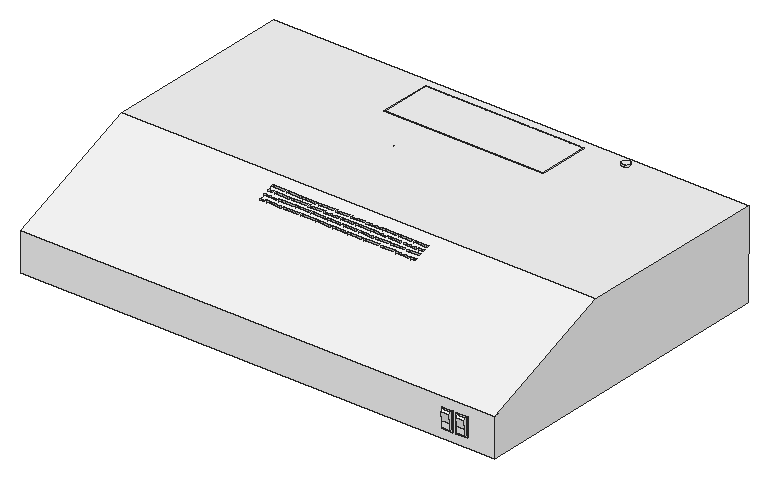
Revit family "QF_Summit_HC30WW_Under Cabinet Convertible Range Hood", category Specialty Equipment, Revit 2020 (continued)
Lines and regions (in)
  symbolic lines
    curve 97: spline (14.61424, -13.05744, 0) -> (14.59529, -13.05512, 0) -> (14.57764, -13.04831, 0) -> (14.56248, -13.03747, 0) -> (14.55085, -13.02335, 0) -> (14.54353, -13.00691, 0) -> (14.54104, -12.98926, 0) -> (14.54353, -12.97162, 0) -> (14.55085, -12.95517, 0) -> (14.56248, -12.94105, 0) -> (14.57764, -12.93022, 0) -> (14.59529, -12.9234, 0) -> (14.61424, -12.92108, 0)
    curve 98: line (15.02088, -12.63566, 0) -> (15.77358, -12.63566, 0)
    curve 99: spline (15.77358, -12.63566, 0) -> (15.79253, -12.63798, 0) -> (15.81018, -12.6448, 0) -> (15.82534, -12.65563, 0) -> (15.83698, -12.66975, 0) -> (15.84429, -12.6862, 0) -> (15.84678, -12.70384, 0) -> (15.84429, -12.72149, 0) -> (15.83698, -12.73793, 0) -> (15.82534, -12.75205, 0) -> (15.81018, -12.76289, 0) -> (15.79253, -12.7697, 0) -> (15.77358, -12.77202, 0)
    curve 100: line (15.77358, -12.77202, 0) -> (15.02088, -12.77202, 0)
    curve 101: spline (15.02088, -12.77202, 0) -> (15.00193, -12.7697, 0) -> (14.98428, -12.76289, 0) -> (14.96912, -12.75205, 0) -> (14.95748, -12.73793, 0) -> (14.95017, -12.72149, 0) -> (14.94768, -12.70384, 0) -> (14.95017, -12.6862, 0) -> (14.95748, -12.66975, 0) -> (14.96912, -12.65563, 0) -> (14.98428, -12.6448, 0) -> (15.00193, -12.63798, 0) -> (15.02088, -12.63566, 0)
    curve 102: line (15.57204, -12.92108, 0) -> (16.34037, -12.92108, 0)
    curve 103: spline (16.34037, -12.92108, 0) -> (16.35931, -12.9234, 0) -> (16.37697, -12.93022, 0) -> (16.39213, -12.94105, 0) -> (16.40376, -12.95517, 0) -> (16.41107, -12.97162, 0) -> (16.41357, -12.98926, 0) -> (16.41107, -13.00691, 0) -> (16.40376, -13.02335, 0) -> (16.39213, -13.03747, 0) -> (16.37697, -13.04831, 0) -> (16.35931, -13.05512, 0) -> (16.34037, -13.05744, 0)
    curve 104: line (16.34037, -13.05744, 0) -> (15.57204, -13.05744, 0)
    curve 105: spline (15.57204, -13.05744, 0) -> (15.55309, -13.05512, 0) -> (15.53544, -13.04831, 0) -> (15.52028, -13.03747, 0) -> (15.50864, -13.02335, 0) -> (15.50133, -13.00691, 0) -> (15.49884, -12.98926, 0) -> (15.50133, -12.97162, 0) -> (15.50864, -12.95517, 0) -> (15.52028, -12.94105, 0) -> (15.53544, -12.93022, 0) -> (15.55309, -12.9234, 0) -> (15.57204, -12.92108, 0)
    curve 106: line (15.57204, -13.52702, 0) -> (16.34037, -13.52702, 0)
    curve 107: spline (16.34037, -13.52702, 0) -> (16.35931, -13.52934, 0) -> (16.37697, -13.53615, 0) -> (16.39213, -13.54699, 0) -> (16.40376, -13.56111, 0) -> (16.41107, -13.57755, 0) -> (16.41357, -13.5952, 0) -> (16.41107, -13.61285, 0) -> (16.40376, -13.62929, 0) -> (16.39213, -13.64341, 0) -> (16.37697, -13.65425, 0) -> (16.35931, -13.66106, 0) -> (16.34037, -13.66338, 0)
    curve 108: line (16.34037, -13.66338, 0) -> (15.57204, -13.66338, 0)
    curve 109: spline (15.57204, -13.66338, 0) -> (15.55309, -13.66106, 0) -> (15.53544, -13.65425, 0) -> (15.52028, -13.64341, 0) -> (15.50864, -13.62929, 0) -> (15.50133, -13.61285, 0) -> (15.49884, -13.5952, 0) -> (15.50133, -13.57755, 0) -> (15.50864, -13.56111, 0) -> (15.52028, -13.54699, 0) -> (15.53544, -13.53615, 0) -> (15.55309, -13.52934, 0) -> (15.57204, -13.52702, 0)
    curve 110: line (16.85638, -13.35254, 0) -> (15.9943, -13.35254, 0)
    curve 111: spline (15.9943, -13.35254, 0) -> (15.97535, -13.35021, 0) -> (15.9577, -13.3434, 0) -> (15.94254, -13.33257, 0) -> (15.93091, -13.31845, 0) -> (15.92359, -13.302, 0) -> (15.9211, -13.28436, 0) -> (15.92359, -13.26671, 0) -> (15.93091, -13.25027, 0) -> (15.94254, -13.23614, 0) -> (15.9577, -13.22531, 0) -> (15.97535, -13.2185, 0) -> (15.9943, -13.21617, 0)
    curve 112: line (15.9943, -13.21617, 0) -> (16.85638, -13.21617, 0)
    curve 113: spline (16.85638, -13.21617, 0) -> (16.87532, -13.2185, 0) -> (16.89298, -13.22531, 0) -> (16.90814, -13.23614, 0) -> (16.91977, -13.25027, 0) -> (16.92708, -13.26671, 0) -> (16.92958, -13.28436, 0) -> (16.92708, -13.302, 0) -> (16.91977, -13.31845, 0) -> (16.90814, -13.33257, 0) -> (16.89298, -13.3434, 0) -> (16.87532, -13.35021, 0) -> (16.85638, -13.35254, 0)
    curve 114: line (15.9943, -12.63566, 0) -> (16.85638, -12.63566, 0)
    curve 115: spline (16.85638, -12.63566, 0) -> (16.87532, -12.63798, 0) -> (16.89298, -12.6448, 0) -> (16.90814, -12.65563, 0) -> (16.91977, -12.66975, 0) -> (16.92708, -12.6862, 0) -> (16.92958, -12.70384, 0) -> (16.92708, -12.72149, 0) -> (16.91977, -12.73793, 0) -> (16.90814, -12.75205, 0) -> (16.89298, -12.76289, 0) -> (16.87532, -12.7697, 0) -> (16.85638, -12.77202, 0)
    curve 116: line (16.85638, -12.77202, 0) -> (15.9943, -12.77202, 0)
    curve 117: spline (15.9943, -12.77202, 0) -> (15.97535, -12.7697, 0) -> (15.9577, -12.76289, 0) -> (15.94254, -12.75205, 0) -> (15.93091, -12.73793, 0) -> (15.92359, -12.72149, 0) -> (15.9211, -12.70384, 0) -> (15.92359, -12.6862, 0) -> (15.93091, -12.66975, 0) -> (15.94254, -12.65563, 0) -> (15.9577, -12.6448, 0) -> (15.97535, -12.63798, 0) -> (15.9943, -12.63566, 0)
    curve 118: line (16.53611, -12.92108, 0) -> (17.3982, -12.92108, 0)
    curve 119: spline (17.3982, -12.92108, 0) -> (17.41714, -12.9234, 0) -> (17.4348, -12.93022, 0) -> (17.44996, -12.94105, 0) -> (17.46159, -12.95517, 0) -> (17.4689, -12.97162, 0) -> (17.4714, -12.98926, 0) -> (17.4689, -13.00691, 0) -> (17.46159, -13.02335, 0) -> (17.44996, -13.03747, 0) -> (17.4348, -13.04831, 0) -> (17.41714, -13.05512, 0) -> (17.3982, -13.05744, 0)
    curve 120: line (17.3982, -13.05744, 0) -> (16.53611, -13.05744, 0)
    curve 121: spline (16.53611, -13.05744, 0) -> (16.51717, -13.05512, 0) -> (16.49951, -13.04831, 0) -> (16.48435, -13.03747, 0) -> (16.47272, -13.02335, 0) -> (16.46541, -13.00691, 0) -> (16.46292, -12.98926, 0) -> (16.46541, -12.97162, 0) -> (16.47272, -12.95517, 0) -> (16.48435, -12.94105, 0) -> (16.49951, -12.93022, 0) -> (16.51717, -12.9234, 0) -> (16.53611, -12.92108, 0)
    curve 122: line (16.53611, -13.52702, 0) -> (17.3982, -13.52702, 0)
    curve 123: spline (17.3982, -13.52702, 0) -> (17.41714, -13.52934, 0) -> (17.4348, -13.53615, 0) -> (17.44996, -13.54699, 0) -> (17.46159, -13.56111, 0) -> (17.4689, -13.57755, 0) -> (17.4714, -13.5952, 0) -> (17.4689, -13.61285, 0) -> (17.46159, -13.62929, 0) -> (17.44996, -13.64341, 0) -> (17.4348, -13.65425, 0) -> (17.41714, -13.66106, 0) -> (17.3982, -13.66338, 0)
    curve 124: line (17.3982, -13.66338, 0) -> (16.53611, -13.66338, 0)
    curve 125: spline (16.53611, -13.66338, 0) -> (16.51717, -13.66106, 0) -> (16.49951, -13.65425, 0) -> (16.48435, -13.64341, 0) -> (16.47272, -13.62929, 0) -> (16.46541, -13.61285, 0) -> (16.46292, -13.5952, 0) -> (16.46541, -13.57755, 0) -> (16.47272, -13.56111, 0) -> (16.48435, -13.54699, 0) -> (16.49951, -13.53615, 0) -> (16.51717, -13.52934, 0) -> (16.53611, -13.52702, 0)
    curve 126: line (17.05213, -13.21617, 0) -> (17.80483, -13.21617, 0)
    curve 127: spline (17.80483, -13.21617, 0) -> (17.82378, -13.2185, 0) -> (17.84143, -13.22531, 0) -> (17.85659, -13.23614, 0) -> (17.86823, -13.25027, 0) -> (17.87554, -13.26671, 0) -> (17.87803, -13.28436, 0) -> (17.87554, -13.302, 0) -> (17.86823, -13.31845, 0) -> (17.85659, -13.33257, 0) -> (17.84143, -13.3434, 0) -> (17.82378, -13.35021, 0) -> (17.80483, -13.35254, 0)
    curve 128: line (17.80483, -13.35254, 0) -> (17.05213, -13.35254, 0)
    curve 129: spline (17.05213, -13.35254, 0) -> (17.03318, -13.35021, 0) -> (17.01553, -13.3434, 0) -> (17.00037, -13.33257, 0) -> (16.98873, -13.31845, 0) -> (16.98142, -13.302, 0) -> (16.97893, -13.28436, 0) -> (16.98142, -13.26671, 0) -> (16.98873, -13.25027, 0) -> (17.00037, -13.23614, 0) -> (17.01553, -13.22531, 0) -> (17.03318, -13.2185, 0) -> (17.05213, -13.21617, 0)
    curve 130: line (17.80483, -12.77202, 0) -> (17.05213, -12.77202, 0)
    curve 131: spline (17.05213, -12.77202, 0) -> (17.03318, -12.7697, 0) -> (17.01553, -12.76289, 0) -> (17.00037, -12.75205, 0) -> (16.98873, -12.73793, 0) -> (16.98142, -12.72149, 0) -> (16.97893, -12.70384, 0) -> (16.98142, -12.6862, 0) -> (16.98873, -12.66975, 0) -> (17.00037, -12.65563, 0) -> (17.01553, -12.6448, 0) -> (17.03318, -12.63798, 0) -> (17.05213, -12.63566, 0)
    curve 132: line (17.05213, -12.63566, 0) -> (17.80483, -12.63566, 0)
    curve 133: spline (17.80483, -12.63566, 0) -> (17.82378, -12.63798, 0) -> (17.84143, -12.6448, 0) -> (17.85659, -12.65563, 0) -> (17.86823, -12.66975, 0) -> (17.87554, -12.6862, 0) -> (17.87803, -12.70384, 0) -> (17.87554, -12.72149, 0) -> (17.86823, -12.73793, 0) -> (17.85659, -12.75205, 0) -> (17.84143, -12.76289, 0) -> (17.82378, -12.7697, 0) -> (17.80483, -12.77202, 0)
    curve 134: line (18.36695, -13.66338, 0) -> (17.5976, -13.66338, 0)
    curve 135: spline (17.5976, -13.66338, 0) -> (17.57865, -13.66106, 0) -> (17.561, -13.65425, 0) -> (17.54584, -13.64341, 0) -> (17.5342, -13.62929, 0) -> (17.52689, -13.61285, 0) -> (17.5244, -13.5952, 0) -> (17.52689, -13.57755, 0) -> (17.5342, -13.56111, 0) -> (17.54584, -13.54699, 0) -> (17.561, -13.53615, 0) -> (17.57865, -13.52934, 0) -> (17.5976, -13.52702, 0)
    curve 136: line (17.5976, -13.52702, 0) -> (18.36695, -13.52702, 0)
    curve 137: spline (18.36695, -13.52702, 0) -> (18.38589, -13.52934, 0) -> (18.40355, -13.53615, 0) -> (18.41871, -13.54699, 0) -> (18.43034, -13.56111, 0) -> (18.43765, -13.57755, 0) -> (18.44015, -13.5952, 0) -> (18.43765, -13.61285, 0) -> (18.43034, -13.62929, 0) -> (18.41871, -13.64341, 0) -> (18.40355, -13.65425, 0) -> (18.38589, -13.66106, 0) -> (18.36695, -13.66338, 0)
    curve 138: line (18.36695, -13.05744, 0) -> (17.62415, -13.05744, 0)
    curve 139: spline (17.62415, -13.05744, 0) -> (17.6052, -13.05512, 0) -> (17.58755, -13.04831, 0) -> (17.57239, -13.03747, 0) -> (17.56076, -13.02335, 0) -> (17.55344, -13.00691, 0) -> (17.55095, -12.98926, 0) -> (17.55344, -12.97162, 0) -> (17.56076, -12.95517, 0) -> (17.57239, -12.94105, 0) -> (17.58755, -12.93022, 0) -> (17.6052, -12.9234, 0) -> (17.62415, -12.92108, 0)
    curve 140: line (17.62415, -12.92108, 0) -> (18.36695, -12.92108, 0)
    curve 141: spline (18.36695, -12.92108, 0) -> (18.38589, -12.9234, 0) -> (18.40355, -12.93022, 0) -> (18.41871, -12.94105, 0) -> (18.43034, -12.95517, 0) -> (18.43765, -12.97162, 0) -> (18.44015, -12.98926, 0) -> (18.43765, -13.00691, 0) -> (18.43034, -13.02335, 0) -> (18.41871, -13.03747, 0) -> (18.40355, -13.04831, 0) -> (18.38589, -13.05512, 0) -> (18.36695, -13.05744, 0)
    curve 142: line (18.77358, -12.77202, 0) -> (18.02088, -12.77202, 0)
    curve 143: spline (18.02088, -12.77202, 0) -> (18.00193, -12.7697, 0) -> (17.98428, -12.76289, 0) -> (17.96912, -12.75205, 0) -> (17.95748, -12.73793, 0) -> (17.95017, -12.72149, 0) -> (17.94768, -12.70384, 0) -> (17.95017, -12.6862, 0) -> (17.95748, -12.66975, 0) -> (17.96912, -12.65563, 0) -> (17.98428, -12.6448, 0) -> (18.00193, -12.63798, 0) -> (18.02088, -12.63566, 0)
    curve 144: line (18.02088, -12.63566, 0) -> (18.77358, -12.63566, 0)
    curve 145: spline (18.77358, -12.63566, 0) -> (18.79253, -12.63798, 0) -> (18.81018, -12.6448, 0) -> (18.82534, -12.65563, 0) -> (18.83698, -12.66975, 0) -> (18.84429, -12.6862, 0) -> (18.84678, -12.70384, 0) -> (18.84429, -12.72149, 0) -> (18.83698, -12.73793, 0) -> (18.82534, -12.75205, 0) -> (18.81018, -12.76289, 0) -> (18.79253, -12.7697, 0) -> (18.77358, -12.77202, 0)
    curve 146: line (18.02088, -13.21617, 0) -> (18.77358, -13.21617, 0)
    curve 147: spline (18.77358, -13.21617, 0) -> (18.79253, -13.2185, 0) -> (18.81018, -13.22531, 0) -> (18.82534, -13.23614, 0) -> (18.83698, -13.25027, 0) -> (18.84429, -13.26671, 0) -> (18.84678, -13.28436, 0) -> (18.84429, -13.302, 0) -> (18.83698, -13.31845, 0) -> (18.82534, -13.33257, 0) -> (18.81018, -13.3434, 0) -> (18.79253, -13.35021, 0) -> (18.77358, -13.35254, 0)
    curve 148: line (18.77358, -13.35254, 0) -> (18.02088, -13.35254, 0)
    curve 149: spline (18.02088, -13.35254, 0) -> (18.00193, -13.35021, 0) -> (17.98428, -13.3434, 0) -> (17.96912, -13.33257, 0) -> (17.95748, -13.31845, 0) -> (17.95017, -13.302, 0) -> (17.94768, -13.28436, 0) -> (17.95017, -13.26671, 0) -> (17.95748, -13.25027, 0) -> (17.96912, -13.23614, 0) -> (17.98428, -13.22531, 0) -> (18.00193, -13.2185, 0) -> (18.02088, -13.21617, 0)
    curve 150: line (19.34037, -13.66338, 0) -> (18.57204, -13.66338, 0)
    curve 151: spline (18.57204, -13.66338, 0) -> (18.55309, -13.66106, 0) -> (18.53544, -13.65425, 0) -> (18.52028, -13.64341, 0) -> (18.50864, -13.62929, 0) -> (18.50133, -13.61285, 0) -> (18.49884, -13.5952, 0) -> (18.50133, -13.57755, 0) -> (18.50864, -13.56111, 0) -> (18.52028, -13.54699, 0) -> (18.53544, -13.53615, 0) -> (18.55309, -13.52934, 0) -> (18.57204, -13.52702, 0)
    curve 152: line (18.57204, -13.52702, 0) -> (19.34037, -13.52702, 0)
    curve 153: spline (19.34037, -13.52702, 0) -> (19.35931, -13.52934, 0) -> (19.37697, -13.53615, 0) -> (19.39213, -13.54699, 0) -> (19.40376, -13.56111, 0) -> (19.41107, -13.57755, 0) -> (19.41357, -13.5952, 0) -> (19.41107, -13.61285, 0) -> (19.40376, -13.62929, 0) -> (19.39213, -13.64341, 0) -> (19.37697, -13.65425, 0) -> (19.35931, -13.66106, 0) -> (19.34037, -13.66338, 0)
    curve 154: line (19.34037, -13.05744, 0) -> (18.57204, -13.05744, 0)
    curve 155: spline (18.57204, -13.05744, 0) -> (18.55309, -13.05512, 0) -> (18.53544, -13.04831, 0) -> (18.52028, -13.03747, 0) -> (18.50864, -13.02335, 0) -> (18.50133, -13.00691, 0) -> (18.49884, -12.98926, 0) -> (18.50133, -12.97162, 0) -> (18.50864, -12.95517, 0) -> (18.52028, -12.94105, 0) -> (18.53544, -12.93022, 0) -> (18.55309, -12.9234, 0) -> (18.57204, -12.92108, 0)
    curve 156: line (18.57204, -12.92108, 0) -> (19.34037, -12.92108, 0)
    curve 157: spline (19.34037, -12.92108, 0) -> (19.35931, -12.9234, 0) -> (19.37697, -12.93022, 0) -> (19.39213, -12.94105, 0) -> (19.40376, -12.95517, 0) -> (19.41107, -12.97162, 0) -> (19.41357, -12.98926, 0) -> (19.41107, -13.00691, 0) -> (19.40376, -13.02335, 0) -> (19.39213, -13.03747, 0) -> (19.37697, -13.04831, 0) -> (19.35931, -13.05512, 0) -> (19.34037, -13.05744, 0)
    curve 158: line (19.74233, -12.77202, 0) -> (18.98963, -12.77202, 0)
    curve 159: spline (18.98963, -12.77202, 0) -> (18.97068, -12.7697, 0) -> (18.95303, -12.76289, 0) -> (18.93787, -12.75205, 0) -> (18.92623, -12.73793, 0) -> (18.91892, -12.72149, 0) -> (18.91643, -12.70384, 0) -> (18.91892, -12.6862, 0) -> (18.92623, -12.66975, 0) -> (18.93787, -12.65563, 0) -> (18.95303, -12.6448, 0) -> (18.97068, -12.63798, 0) -> (18.98963, -12.63566, 0)
    curve 160: line (18.98963, -12.63566, 0) -> (19.74233, -12.63566, 0)
    curve 161: spline (19.74233, -12.63566, 0) -> (19.76128, -12.63798, 0) -> (19.77893, -12.6448, 0) -> (19.79409, -12.65563, 0) -> (19.80573, -12.66975, 0) -> (19.81304, -12.6862, 0) -> (19.81553, -12.70384, 0) -> (19.81304, -12.72149, 0) -> (19.80573, -12.73793, 0) -> (19.79409, -12.75205, 0) -> (19.77893, -12.76289, 0) -> (19.76128, -12.7697, 0) -> (19.74233, -12.77202, 0)
    curve 162: line (18.98963, -13.21617, 0) -> (19.74233, -13.21617, 0)
    curve 163: spline (19.74233, -13.21617, 0) -> (19.76128, -13.2185, 0) -> (19.77893, -13.22531, 0) -> (19.79409, -13.23614, 0) -> (19.80573, -13.25027, 0) -> (19.81304, -13.26671, 0) -> (19.81553, -13.28436, 0) -> (19.81304, -13.302, 0) -> (19.80573, -13.31845, 0) -> (19.79409, -13.33257, 0) -> (19.77893, -13.3434, 0) -> (19.76128, -13.35021, 0) -> (19.74233, -13.35254, 0)
    curve 164: line (19.74233, -13.35254, 0) -> (18.98963, -13.35254, 0)
    curve 165: spline (18.98963, -13.35254, 0) -> (18.97068, -13.35021, 0) -> (18.95303, -13.3434, 0) -> (18.93787, -13.33257, 0) -> (18.92623, -13.31845, 0) -> (18.91892, -13.302, 0) -> (18.91643, -13.28436, 0) -> (18.91892, -13.26671, 0) -> (18.92623, -13.25027, 0) -> (18.93787, -13.23614, 0) -> (18.95303, -13.22531, 0) -> (18.97068, -13.2185, 0) -> (18.98963, -13.21617, 0)
    curve 166: line (19.54326, -13.52702, 0) -> (19.74909, -13.52702, 0)
    curve 167: spline (19.74909, -13.52702, 0) -> (19.76804, -13.52934, 0) -> (19.78569, -13.53615, 0) -> (19.80085, -13.54699, 0) -> (19.81248, -13.56111, 0) -> (19.8198, -13.57755, 0) -> (19.82229, -13.5952, 0) -> (19.8198, -13.61285, 0) -> (19.81248, -13.62929, 0) -> (19.80085, -13.64341, 0) -> (19.78569, -13.65425, 0) -> (19.76804, -13.66106, 0) -> (19.74909, -13.66338, 0)
    curve 168: line (19.74909, -13.66338, 0) -> (19.54326, -13.66338, 0)
    curve 169: spline (19.54326, -13.66338, 0) -> (19.52432, -13.66106, 0) -> (19.50666, -13.65425, 0) -> (19.4915, -13.64341, 0) -> (19.47987, -13.62929, 0) -> (19.47256, -13.61285, 0) -> (19.47006, -13.5952, 0) -> (19.47256, -13.57755, 0) -> (19.47987, -13.56111, 0) -> (19.4915, -13.54699, 0) -> (19.50666, -13.53615, 0) -> (19.52432, -13.52934, 0) -> (19.54326, -13.52702, 0)
    curve 170: line (19.74909, -13.05744, 0) -> (19.54326, -13.05744, 0)
    curve 171: spline (19.54326, -13.05744, 0) -> (19.52432, -13.05512, 0) -> (19.50666, -13.04831, 0) -> (19.4915, -13.03747, 0) -> (19.47987, -13.02335, 0) -> (19.47256, -13.00691, 0) -> (19.47006, -12.98926, 0) -> (19.47256, -12.97162, 0) -> (19.47987, -12.95517, 0) -> (19.4915, -12.94105, 0) -> (19.50666, -12.93022, 0) -> (19.52432, -12.9234, 0) -> (19.54326, -12.92108, 0)
    curve 172: line (19.54326, -12.92108, 0) -> (19.74909, -12.92108, 0)
    curve 173: spline (19.74909, -12.92108, 0) -> (19.76804, -12.9234, 0) -> (19.78569, -12.93022, 0) -> (19.80085, -12.94105, 0) -> (19.81248, -12.95517, 0) -> (19.8198, -12.97162, 0) -> (19.82229, -12.98926, 0) -> (19.8198, -13.00691, 0) -> (19.81248, -13.02335, 0) -> (19.80085, -13.03747, 0) -> (19.78569, -13.04831, 0) -> (19.76804, -13.05512, 0) -> (19.74909, -13.05744, 0)
Dimensions and locks (in)
  equal spacing: plane 3 "LEFT", plane 7 "Center Y", plane 4 "RIGHT"
  "Length": plane 3 "LEFT" to plane 4 "RIGHT"
  equal spacing: plane 5 "FRONT", plane 8 "Center X", plane 1 "BACK"
  "Depth": plane 5 "FRONT" to plane 1 "BACK"
  "Height": plane 6 "TOP" to level
  plane 9 to level = 2 3/8"
  plane 10 to plane 1 "BACK" = 12"
  plane 11 to plane 12 = 11 1/4"
  locked: plane 7 "Center Y" to plane 13 at 7.625
  plane 5 "FRONT" to plane 14 = 6"
  locked: plane 3 "LEFT" to plane 15 at 1.5
  locked: plane 16 to plane 4 "RIGHT" at 1.5
  plane 19 to plane 1 "BACK" = 1/2"
  plane 20 to plane 19 = 3 1/4"
  plane 22 to plane 23 = 10"
  Extrusion 7 sketch curve to Extrusion 7 sketch curve to plane 7 "Center Y" to Extrusion 7 sketch curve to Extrusion 7 sketch curve = 1/4" locked, 5 3/8" locked, 5 3/8" locked, 1/4" locked
  plane 11 to plane 22 to plane 7 "Center Y" to plane 23 to plane 12 = 5/8" locked, 5" locked, 5" locked, 5/8" locked
  plane 1 "BACK" to plane 10 = 12"
  Extrusion 12 sketch curve to Extrusion 12 sketch curve to Extrusion 12 sketch curve to Extrusion 12 sketch curve to plane 16 = 0.70845" locked, 0.22905" locked, 0.70845" locked, 0.1628" locked
  aligned and locked: level to plane 2
  aligned and locked: Extrusion 2 to plane 4 "RIGHT"
  aligned and locked: plane 15 to Extrusion 1
  aligned and locked: plane 16 to Extrusion 3
  aligned and locked: Extrusion 3 to plane 4 "RIGHT"
  aligned and locked: Extrusion 2 to Extrusion 4
  aligned and locked: Extrusion 6 to Extrusion 5
  aligned and locked: cut or joined group 1 (Extrusion 1, Extrusion 2, Extrusion 3, Extrusion 4, Extrusion 5, Extrusion 6, Extrusion 7, Extrusion 8, Extrusion 9) to Extrusion 10
  aligned and locked: Extrusion 11 to plane 6 "TOP"
  aligned and locked: Extrusion 10 sketch curve to plane 23
  aligned and locked: Extrusion 10 sketch curve to plane 22
  aligned and locked: plane 11 to Extrusion 8
  aligned and locked: plane 12 to Extrusion 8
  aligned and locked: plane 26 to plane 7 "Center Y"
Automatic sketch dimensions
  Extrusion 4 sketch curve to Extrusion 4 sketch curve = 0"  (x27)
  Extrusion 4 sketch curve to Extrusion 4 sketch curve = 0.0732"  (x42)
  Extrusion 4 sketch curve to Extrusion 4 sketch curve = 0.16003"  (x6)
  Extrusion 4 sketch curve to Extrusion 4 sketch curve = 0.17041"  (x5)
  Extrusion 4 sketch curve to Extrusion 4 sketch curve = 0.18732"  (x4)
  Extrusion 4 sketch curve to Extrusion 4 sketch curve = 0.00281"
  Extrusion 4 sketch curve to Extrusion 4 sketch curve = 0.00676"  (x2)
  Extrusion 4 sketch curve to Extrusion 4 sketch curve = 0.20583"  (x2)
  Extrusion 4 sketch curve to Extrusion 4 sketch curve = 0.20289"  (x2)
  Extrusion 4 sketch curve to Extrusion 4 sketch curve = 0.35074"  (x2)
  Extrusion 4 sketch curve to Extrusion 4 sketch curve = 0.21604"  (x8)
  Extrusion 4 sketch curve to Extrusion 4 sketch curve = 0.20155"  (x6)
  Extrusion 4 sketch curve to Extrusion 4 sketch curve = 0.20509"  (x6)
  Extrusion 4 sketch curve to Extrusion 4 sketch curve = 0.34607"  (x16)
  Extrusion 4 sketch curve to Extrusion 4 sketch curve = 0.18068"
  Extrusion 4 sketch curve to Extrusion 4 sketch curve = 0.20724"
  Extrusion 4 sketch curve to Extrusion 4 sketch curve = 0.22595"
  Extrusion 4 sketch curve to Extrusion 4 sketch curve = 0.1994"
  Extrusion 4 sketch curve to Extrusion 4 sketch curve = 0.19575"  (x12)
  Extrusion 4 sketch curve to Extrusion 4 sketch curve = 0.32027"  (x6)
  Extrusion 4 sketch curve to Extrusion 4 sketch curve = 0.22071"  (x4)
  Extrusion 4 sketch curve to Extrusion 4 sketch curve = 0.19059"  (x2)
  Extrusion 4 sketch curve to Extrusion 4 sketch curve = 51/256"  (x2)
  Extrusion 4 sketch curve to Extrusion 4 sketch curve = 0.31679"  (x2)
  Extrusion 4 sketch curve to Extrusion 4 sketch curve = 0.20664"  (x2)
  Extrusion 4 sketch curve to Extrusion 4 sketch curve = 0.22927"  (x2)
  Extrusion 4 sketch curve to Extrusion 4 sketch curve = 0.30642"
  Extrusion 14 sketch curve to Extrusion 14 sketch curve = 0"  (x27)
  Extrusion 14 sketch curve to Extrusion 14 sketch curve = 0.0732"  (x42)
  Extrusion 14 sketch curve to Extrusion 14 sketch curve = 0.16003"  (x6)
  Extrusion 14 sketch curve to Extrusion 14 sketch curve = 0.17041"  (x5)
  Extrusion 14 sketch curve to Extrusion 14 sketch curve = 0.18732"  (x4)
  Extrusion 14 sketch curve to Extrusion 14 sketch curve = 0.00281"
  Extrusion 14 sketch curve to Extrusion 14 sketch curve = 0.00676"  (x2)
  Extrusion 14 sketch curve to Extrusion 14 sketch curve = 0.20583"  (x2)
  Extrusion 14 sketch curve to Extrusion 14 sketch curve = 0.20289"  (x2)
  Extrusion 14 sketch curve to Extrusion 14 sketch curve = 0.35074"  (x2)
  Extrusion 14 sketch curve to Extrusion 14 sketch curve = 0.21604"  (x8)
  Extrusion 14 sketch curve to Extrusion 14 sketch curve = 0.20155"  (x6)
  Extrusion 14 sketch curve to Extrusion 14 sketch curve = 0.20509"  (x6)
  Extrusion 14 sketch curve to Extrusion 14 sketch curve = 0.34607"  (x16)
  Extrusion 14 sketch curve to Extrusion 14 sketch curve = 0.18068"
  Extrusion 14 sketch curve to Extrusion 14 sketch curve = 0.20724"
  Extrusion 14 sketch curve to Extrusion 14 sketch curve = 0.22595"
  Extrusion 14 sketch curve to Extrusion 14 sketch curve = 0.1994"
  Extrusion 14 sketch curve to Extrusion 14 sketch curve = 0.19575"  (x12)
  Extrusion 14 sketch curve to Extrusion 14 sketch curve = 0.32027"  (x6)
  Extrusion 14 sketch curve to Extrusion 14 sketch curve = 0.22071"  (x4)
  Extrusion 14 sketch curve to Extrusion 14 sketch curve = 0.19059"  (x2)
  Extrusion 14 sketch curve to Extrusion 14 sketch curve = 51/256"  (x2)
  Extrusion 14 sketch curve to Extrusion 14 sketch curve = 0.31679"  (x2)
  Extrusion 14 sketch curve to Extrusion 14 sketch curve = 0.20664"  (x2)
  Extrusion 14 sketch curve to Extrusion 14 sketch curve = 0.22927"  (x2)
  Extrusion 14 sketch curve to Extrusion 14 sketch curve = 0.30642"
  plane 1 "BACK" to curve 1 = 0"
  curve 1 to plane 3 "LEFT" = 0"
  curve 4 to plane 4 "RIGHT" = 0"
  plane 5 "FRONT" to curve 1 = 0"
  curve 2 to plane 10 = 0"
  curve 6 to plane 22 = 0.07362"
  curve 16 to plane 22 = 0.07362"
  curve 21 to plane 22 = 0.07362"
  curve 13 to plane 22 = 0.07362"
  curve 13 to curve 13 = 0.22927"
  curve 19 to curve 19 = 0.22927"
  curve 21 to curve 22 = 0.20664"
  curve 13 to curve 28 = 0.20664"
  curve 26 to curve 14 = 0.31679"
  curve 27 to curve 6 = 0.31679"
  curve 6 to curve 32 = 51/256"
  curve 14 to curve 38 = 51/256"
  curve 30 to curve 28 = 0.34607"
  curve 40 to curve 24 = 0.34607"
  curve 28 to curve 34 = 0.19575"
  curve 22 to curve 42 = 0.19575"
  curve 37 to curve 30 = 0.32027"
  curve 36 to curve 38 = 0.32027"
  curve 32 to curve 52 = 0.19575"
  curve 38 to curve 46 = 0.19575"
  curve 48 to curve 42 = 0.34607"
  curve 46 to curve 36 = 0.34607"
  curve 35 to curve 58 = 0.20509"
  curve 42 to curve 54 = 0.20509"
  curve 59 to curve 52 = 0.20155"
  curve 58 to curve 46 = 0.20155"
  curve 50 to curve 62 = 0.22071"
  curve 46 to curve 66 = 0.22071"
  curve 63 to curve 60 = 0.34607"
  curve 68 to curve 54 = 0.34607"
  curve 60 to curve 70 = 0.19575"
  curve 54 to curve 82 = 0.19575"
  curve 72 to curve 66 = 0.32027"
  curve 70 to curve 62 = 0.32027"
  curve 66 to curve 78 = 0.19575"
  curve 64 to curve 76 = 0.19575"
  curve 80 to curve 82 = 0.34607"
  curve 74 to curve 70 = 0.34607"
  curve 84 to curve 88 = 0.21604"
  curve 72 to curve 96 = 0.21604"
  curve 78 to plane 7 "Center Y" = 0.13267"
  curve 74 to plane 7 "Center Y" = 0.13267"
  plane 7 "Center Y" to curve 92 = 0.08338"
  plane 7 "Center Y" to curve 100 = 0.08338"
  curve 93 to curve 86 = 0.34607"
  curve 101 to curve 94 = 0.34607"
  curve 87 to curve 108 = 0.20509"
  curve 95 to curve 102 = 0.20509"
  curve 105 to curve 90 = 0.20155"
  curve 105 to curve 100 = 0.20155"
  curve 92 to curve 110 = 0.22071"
  curve 98 to curve 114 = 0.22071"
  curve 110 to curve 106 = 0.34607"
  curve 116 to curve 102 = 0.34607"
  curve 104 to curve 120 = 0.19575"
  curve 106 to curve 122 = 0.19575"
  curve 121 to curve 116 = 0.32027"
  curve 125 to curve 110 = 0.32027"
  curve 115 to curve 130 = 0.19575"
  curve 113 to curve 126 = 0.19575"
  curve 128 to curve 122 = 0.34607"
  curve 129 to curve 120 = 0.34607"
  curve 122 to curve 136 = 0.1994"
  curve 119 to curve 138 = 0.22595"
  curve 140 to curve 130 = 0.18068"
  curve 138 to curve 126 = 0.18068"
  curve 130 to curve 142 = 0.21604"
  curve 127 to curve 146 = 0.21604"
  curve 142 to curve 140 = 0.34607"
  curve 148 to curve 134 = 0.34607"
  curve 134 to curve 150 = 0.20509"
  curve 138 to curve 154 = 0.20509"
  curve 154 to curve 146 = 0.20155"
  curve 155 to curve 142 = 0.20155"
  curve 147 to curve 164 = 0.21604"
  curve 144 to curve 160 = 0.21604"
  curve 159 to curve 156 = 0.35074"
  curve 165 to curve 152 = 0.35074"
  curve 154 to curve 170 = 0.20289"
  curve 150 to curve 168 = 0.20289"
  curve 158 to plane 23 = 0.19517"
  curve 164 to plane 23 = 0.19517"
  curve 168 to plane 23 = 0.18841"
  curve 162 to curve 170 = 0.00676"
  plane 14 to curve 19 = 0.334"
  plane 14 to curve 88 = 0.33662"
  plane 14 to curve 168 = 0.33662"
  plane 14 to curve 84 = 0.33662"
  plane 14 to curve 124 = 0.33662"
  curve 87 to curve 108 = 0"
  plane 14 to curve 134 = 0.33662"
  plane 14 to curve 56 = 0.33662"
  plane 14 to curve 44 = 0.33662"
  curve 150 to curve 169 = 0"
  curve 19 to curve 24 = 0.00261"
  curve 19 to curve 21 = 0.13636"
  curve 108 to curve 106 = 0.13636"
  curve 24 to curve 22 = 0.13636"
  curve 150 to curve 152 = 0.13636"
  curve 55 to curve 54 = 0.13636"
  curve 134 to curve 136 = 0.13636"
  curve 123 to curve 122 = 0.13636"
  curve 44 to curve 42 = 0.13636"
  curve 84 to curve 82 = 0.13636"
  curve 87 to curve 86 = 0.13636"
  curve 167 to curve 166 = 0.13636"
  curve 54 to curve 48 = 0.17448"
  curve 22 to curve 16 = 0.17448"
  curve 83 to curve 80 = 0.24266"
  curve 106 to curve 92 = 0.17448"
  curve 15 to curve 40 = 0"
  curve 47 to curve 68 = 0"
  curve 166 to curve 164 = 0.17448"
  curve 92 to curve 110 = 0"
  curve 148 to curve 164 = 0"
  curve 128 to curve 149 = 0"
  curve 40 to curve 38 = 0.13636"
  curve 110 to curve 112 = 0.13636"
  curve 80 to curve 78 = 0.13636"
  curve 127 to curve 126 = 0.13636"
  curve 148 to curve 146 = 0.13636"
  curve 68 to curve 66 = 0.13636"
  curve 91 to curve 90 = 0.13636"
  curve 164 to curve 162 = 0.13636"
  curve 47 to curve 46 = 0.13636"
  curve 16 to curve 14 = 0.13636"
  curve 165 to curve 154 = 0.15873"
  curve 14 to curve 11 = 0.15873"
  curve 66 to curve 58 = 0.15873"
  curve 38 to curve 26 = 0.15873"
  curve 81 to curve 72 = 0.15873"
  curve 138 to curve 155 = 0"
  curve 93 to curve 96 = 0.15873"
  curve 120 to curve 138 = 0"
  curve 162 to curve 170 = 0.15873"
  curve 29 to curve 36 = 0"
  curve 95 to curve 104 = 0"
  curve 10 to curve 13 = 0.13636"
  curve 120 to curve 118 = 0.13636"
  curve 103 to curve 102 = 0.13636"
  curve 138 to curve 140 = 0.13636"
  curve 35 to curve 34 = 0.13636"
  curve 71 to curve 70 = 0.13636"
  curve 170 to curve 172 = 0.13636"
  curve 58 to curve 60 = 0.13636"
  curve 154 to curve 156 = 0.13636"
  curve 96 to curve 94 = 0.13636"
  curve 26 to curve 28 = 0.13636"
  curve 119 to curve 130 = 0.21724"
  curve 73 to curve 62 = 0.14906"
  curve 172 to curve 158 = 0.14906"
  curve 37 to curve 30 = 0.14906"
  curve 8 to curve 30 = 0"
  curve 105 to curve 100 = 0.14906"
  curve 74 to curve 100 = 0"
  curve 142 to curve 158 = 0"
  curve 116 to curve 130 = 0"
  curve 50 to curve 62 = 0"
  curve 62 to curve 64 = 0.13636"
  curve 158 to curve 160 = 0.13636"
  curve 131 to curve 132 = 0.13636"
  curve 115 to curve 114 = 0.13636"
  curve 74 to curve 76 = 0.13636"
  curve 30 to curve 32 = 0.13636"
  curve 50 to curve 52 = 0.13636"
  curve 7 to curve 6 = 0.13636"
  curve 142 to curve 144 = 0.13636"
  curve 100 to curve 98 = 0.13636"
  curve 17 to plane 22 = 0.00042"
  curve 9 to plane 22 = 0.00042"
  curve 12 to plane 22 = 0.00042"
  curve 20 to plane 22 = 0.00042"
  curve 10 to curve 10 = 0.0732"
  curve 18 to curve 18 = 0.0732"
  curve 27 to curve 27 = 0.0732"
  curve 25 to curve 25 = 0.0732"
  curve 15 to curve 15 = 0.0732"
  curve 7 to curve 7 = 0.0732"
  curve 31 to curve 31 = 0.0732"
  curve 41 to curve 41 = 0.0732"
  curve 23 to curve 23 = 0.0732"
  curve 29 to curve 29 = 0.0732"
  curve 37 to curve 37 = 0.0732"
  curve 45 to curve 45 = 0.0732"
  curve 33 to curve 33 = 0.0732"
  curve 39 to curve 39 = 0.0732"
  curve 49 to curve 49 = 0.0732"
  curve 51 to curve 51 = 0.0732"
  curve 43 to curve 43 = 0.0732"
  curve 35 to curve 35 = 0.0732"
  curve 57 to curve 57 = 0.0732"
  curve 59 to curve 59 = 0.0732"
  curve 47 to curve 47 = 0.0732"
  curve 53 to curve 53 = 0.0732"
  curve 63 to curve 63 = 0.0732"
  curve 69 to curve 69 = 0.0732"
  curve 55 to curve 55 = 0.0732"
  curve 61 to curve 61 = 0.0732"
  curve 73 to curve 73 = 0.0732"
  curve 85 to curve 85 = 0.0732"
  curve 67 to curve 67 = 0.0732"
  curve 65 to curve 65 = 0.0732"
  curve 81 to curve 81 = 0.0732"
  curve 75 to curve 75 = 0.0732"
  curve 71 to curve 71 = 0.0732"
  curve 83 to curve 83 = 0.0732"
  curve 97 to curve 97 = 0.0732"
  curve 89 to curve 89 = 0.0732"
  curve 79 to curve 79 = 0.0732"
  curve 77 to curve 77 = 0.0732"
  plane 7 "Center Y" to curve 93 = 0.01018"
  plane 7 "Center Y" to curve 101 = 0.01018"
  curve 87 to curve 87 = 0.0732"
  curve 95 to curve 95 = 0.0732"
  curve 109 to curve 109 = 0.0732"
  curve 105 to curve 105 = 0.0732"
  curve 91 to curve 91 = 0.0732"
  curve 99 to curve 99 = 0.0732"
  curve 111 to curve 111 = 0.0732"
  curve 117 to curve 117 = 0.0732"
  curve 107 to curve 107 = 0.0732"
  curve 103 to curve 103 = 0.0732"
  curve 121 to curve 121 = 0.0732"
  curve 125 to curve 125 = 0.0732"
  curve 113 to curve 113 = 0.0732"
  curve 115 to curve 115 = 0.0732"
  curve 129 to curve 129 = 0.0732"
  curve 131 to curve 131 = 0.0732"
  curve 123 to curve 123 = 0.0732"
  curve 119 to curve 119 = 0.0732"
  curve 135 to curve 135 = 0.0732"
  curve 139 to curve 139 = 0.0732"
  curve 133 to curve 133 = 0.0732"
  curve 127 to curve 127 = 0.0732"
  curve 143 to curve 143 = 0.0732"
  curve 149 to curve 149 = 0.0732"
  curve 137 to curve 137 = 0.0732"
  curve 141 to curve 141 = 0.0732"
  curve 151 to curve 151 = 0.0732"
  curve 155 to curve 155 = 0.0732"
  curve 147 to curve 147 = 0.0732"
  curve 145 to curve 145 = 0.0732"
  curve 165 to curve 165 = 0.0732"
  curve 159 to curve 159 = 0.0732"
  curve 157 to curve 157 = 0.0732"
  curve 153 to curve 153 = 0.0732"
  curve 169 to curve 169 = 0.0732"
  curve 171 to curve 171 = 0.0732"
  curve 161 to curve 161 = 0.0732"
  curve 163 to curve 163 = 0.0732"
  curve 173 to curve 173 = 0.0732"
  curve 167 to curve 167 = 0.0732"
  Extrusion 1 sketch curve to plane 5 "FRONT" = 0"
  Extrusion 1 sketch curve to plane 6 "TOP" = 0"
  Extrusion 1 sketch curve to plane 10 = 0"
  Extrusion 1 sketch curve to level = 0"
  Extrusion 1 sketch curve to plane 1 "BACK" = 0"
  Extrusion 1 sketch curve to plane 9 = 0"
  Extrusion 2 sketch curve to level = 0"  (x2)
  Extrusion 2 sketch curve to plane 5 "FRONT" = 0"
  Extrusion 2 sketch curve to plane 14 = 0"
  Extrusion 2 sketch curve to plane 6 "TOP" = 0"
  Extrusion 2 sketch curve to plane 10 = 0"
  Extrusion 2 sketch curve to plane 19 = 0"
  Extrusion 2 sketch curve to plane 1 "BACK" = 0"
  Extrusion 2 sketch curve to plane 9 = 0"
  Extrusion 2 sketch curve to plane 6 "TOP" = 0.07428"
  Extrusion 2 sketch curve to plane 8 "Center X" = 0.81598"
  Extrusion 2 sketch curve to plane 6 "TOP" = 1.31804"
  Extrusion 3 sketch curve to plane 5 "FRONT" = 0"
  Extrusion 3 sketch curve to plane 6 "TOP" = 0"
  Extrusion 3 sketch curve to plane 10 = 0"
  Extrusion 3 sketch curve to level = 0"
  Extrusion 3 sketch curve to plane 1 "BACK" = 0"
  Extrusion 3 sketch curve to plane 9 = 0"
  plane 20 to Extrusion 5 sketch curve = 0"
  Extrusion 5 sketch curve to plane 7 "Center Y" = 0"
  Extrusion 5 sketch curve to plane 22 = 1 1/2"
  plane 20 to Extrusion 6 sketch curve = 0"
  Extrusion 6 sketch curve to plane 22 = 0"
  Extrusion 6 sketch curve to plane 23 = 0"
  plane 19 to Extrusion 6 sketch curve = 0"
  Extrusion 6 sketch curve to plane 22 = 1/4"
  Extrusion 6 sketch curve to plane 23 = 1/4"
  Extrusion 6 sketch curve to plane 20 = 1/4"
  plane 19 to Extrusion 6 sketch curve = 1/4"
  Extrusion 7 sketch curve to plane 14 = 0"
  plane 19 to Extrusion 7 sketch curve = 0"
  plane 14 to Extrusion 7 sketch curve = 1/4"
  plane 19 to Extrusion 7 sketch curve = 1/4"
  Extrusion 8 sketch curve to Extrusion 2 = 0"  (x4)
  Extrusion 2 to Extrusion 8 sketch curve = 0.15581"
  Extrusion 8 sketch curve to Extrusion 2 = 0.08943"
  Extrusion 9 sketch curve to Extrusion 6 = 0"  (x4)
  Extrusion 1 to Extrusion 10 sketch curve = 3 3/4"
  Extrusion 1 to Extrusion 10 sketch curve = 1/2"
  Extrusion 11 sketch curve to plane 13 = 0"
  plane 19 to Extrusion 11 sketch curve = 0"
  Extrusion 12 sketch curve to Extrusion 1 = 19/32"  (x2)
  Extrusion 1 to Extrusion 12 sketch curve = 19/32"  (x2)
  plane 5 "FRONT" to Extrusion 13 sketch curve = 0.22258"
  plane 5 "FRONT" to Extrusion 13 sketch curve = 0.09635"
  plane 5 "FRONT" to Extrusion 13 sketch curve = 0.04539"
  level to Extrusion 13 sketch curve = 0.69669"
  Extrusion 13 sketch curve to Extrusion 13 sketch curve = 0.38074"
  Extrusion 13 sketch curve to Extrusion 13 sketch curve = 0.54678"
  Extrusion 13 sketch curve to Extrusion 13 sketch curve = 0.08263"
  plane 5 "FRONT" to Extrusion 15 sketch curve = 0.22258"
  plane 5 "FRONT" to Extrusion 15 sketch curve = 0.09635"
  plane 5 "FRONT" to Extrusion 15 sketch curve = 0.04539"
  level to Extrusion 15 sketch curve = 0.69669"
  Extrusion 15 sketch curve to Extrusion 15 sketch curve = 0.38074"
  Extrusion 15 sketch curve to Extrusion 15 sketch curve = 0.54678"
  Extrusion 15 sketch curve to Extrusion 15 sketch curve = 0.08263"
  radius of Extrusion 11 sketch curve = 1/4"
Connectors (in)
  electrical at (22.5625, -0.5, 5.57173), driven by "Volts", driven by "Apparent Power"
    settings: on Extrusion 11, index 2, voltage 115 V, apparent load 195.5 VA, apparent load phase1 0 VA, apparent load phase2 0 VA, apparent load phase3 0 VA, power factor 1, load classification "Other", number of poles 1, system type 30, power factor state 1, is connector primary yes, connector utility no, sub classification motor no, connector description "Electrical Inlet"
  hvac at (14.9375, -2.125, 5.5)
    settings: on cut or joined group 1, index 3, duct flow 0 CFM, flow factor 0, pres drop 0.00 in-wg, loss coef 0, conn angle 0.00°, conn width 10", conn height 3 1/4", conn diameter 24", duct sys type 3, conn prof type 1, flow config 0, flow direction 0, loss method 0, conn ref index -1, conn util no, is conn primary yes, conn desc ""
